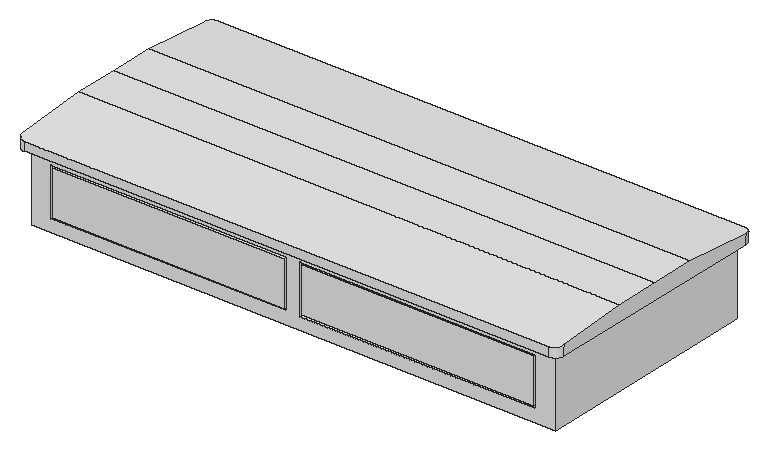
Revit family "1", category Pipe Accessories, host Face, Revit 2018
Family settings
  Host = Face
  Round Connector Dimension = Use Diameter
  Part Type = Normal
  OmniClass Number = 23.65.00.00
  OmniClass Title = Supply and Distribution of Liquids and Gases
  Cut with Voids When Loaded = No
  Shared = No
Parameters (values of type "600x260x90 - Code 0047236026")
  Youtube clip = ""
  Width = 260 mm
  Weight Net (Kg) = "0"  # constant formula
  Uniformat II Description = "HVAC"  # constant formula
  Uniformat II Code = "D30"  # constant formula
  Uniclass 2015 Name = "Valve Boxes"  # constant formula
  Uniclass 2015 Code = "Pr_80_70_28_94"  # constant formula
  Uniclass 2.0 Description = "Valve Boxes"  # constant formula
  Uniclass 2.0 Code = "PR-95-50-94"  # constant formula
  Uniclass 1.4 Description = "Valves for eater supply/distributon"  # constant formula
  Uniclass 1.4 Code = "L7117"  # constant formula
  URL = "http://www.pintossi.it/"
  UNSPSC Code = ""
  Technical description = ""
  Region South America = "All"  # constant formula
  Region Oceania = "All"  # constant formula
  Region North America = "All"  # constant formula
  Region Middle East = "All"  # constant formula
  Region Europe = "All"  # constant formula
  Region Asia = "All"  # constant formula
  Region Antarctica = "All"  # constant formula
  Region Africa = "All"  # constant formula
  QR code = ""
  Product url = ""
  Product group = "PLASTIC BOXES"  # constant formula
  Product family = "MANIFOLDS"  # constant formula
  Product data url = "https://www.bimobject.com/pintossi/product/472-plastic-boxes-for-manifolds"
  Product certification = ""
  Product SKU = "472-PLASTIC-BOXES-FOR-MANIFOLDS"  # constant formula
  Product Guid = "3cf5702c-0f82-499b-b133-a6da0dfa5a28"  # constant formula
  OmniClass Description = "Valves Boxes"  # constant formula
  OmniClass Code = "23-27 3163"  # constant formula
  NBS Reference Description = "Valve Boxes"  # constant formula
  NBS Reference Code = "95-50-94"  # constant formula
  Model = "600x260x90 - Code 0047236026"
  Material secondary = ""
  Material main = "PLastic"  # constant formula
  Masterformat 2014 Description = "Plumbing"  # constant formula
  Masterformat 2014 Code = "22 00 00"  # constant formula
  Manufacturer name = "Pintossi+C"  # constant formula
  Manufacturer country = "Italy"  # constant formula
  Manufacturer = "Pintosssi+C"  # constant formula
  Installation instructions = ""
  IFC Classification = "Covering"  # constant formula
  Height = 600 mm
  Edition number = 1  # constant formula
  EAN code = ""
  Design country = "Italy"  # constant formula
  Description = "Pintossi+C plastic box for manifold are the perfect solution to locate a manifold inside a wall cabinet using a plastic monobloc inspection box.\r\nThe pack includes a plastering protective carton and an anti-deformation spacer for built-in installation.\r\nThe box can be used with all range of Pintossi+C modular distrobution manifolds with or without valves and with coplanar manifolds."  # constant formula
  Default Elevation = 1219.2 mm
  Date of publishing = ""
  COBIe Type Category = ""
  Brand url = "http://www.pintossi.it/"
  Body Material = Pintossi - Plastic - ABS
  BIMobject category = "Plumbing Valves"  # constant formula
Types (4, lengths in mm): name | Model | Height | Brand url
  320x260x90 - Code 0047233226 | "320x260x90 - Code 0047233226" | 320 | ""
  400x260x90 - Code 0047234026 | "400x260x90 - Code 0047234026" | 400 | ""
  500x260x90 - Code 0047235026 | "500x260x90 - Code 0047235026" | 500 | ""
  600x260x90 - Code 0047236026 | "600x260x90 - Code 0047236026" | 600 | "http://www.pintossi.it/"
Reference planes
  plane 1 "Center (Front/Back)": y = 0
  plane 2: z = 0
  plane 3 "Center (Left/Right)": x = 0
  plane 4: x = -300
  plane 5: x = 300
  plane 6: y = 130
  plane 7: y = -130
  plane 8: z = -80
  plane 9: z = 10
  plane 10: x = -310
  plane 11: x = 310
  plane 12: y = 140
  plane 13: y = -140
  plane 14: x = -277.305
  plane 15: x = 277.305
  plane 16: x = -7.5
  plane 17: x = 7.5
Forms (mm)
  Extrusion 1, solid, material "Pintossi - Plastic - ABS" <- "Body Material", detail levels fine
    sketch origin (0, 0, 0) x (1, 0, 0) y (0, 1, 0)
      loop
        line (-300, 130) -> (-300, -130) -> (300, -130) -> (300, 130) -> (-300, 130)
      loop
        line (295, 125) -> (-295, 125) -> (-295, -125) -> (295, -125) -> (295, 125)
    from -74.574 to 0
  Extrusion 2, solid, material "Pintossi - Plastic - ABS" <- "Body Material", detail levels fine
    sketch origin (0, 0, 0) x (1, 0, 0) y (0, 1, 0)
      loop
        line (-300, 130) -> (-300, -130) -> (300, -130) -> (300, 130) -> (-300, 130)
    from -80 to -74.574
  Extrusion 3, solid, material "Pintossi - Plastic - ABS" <- "Body Material", detail levels fine
    sketch origin (0, 0, 0) x (1, 0, 0) y (0, 1, 0)
      loop
        arc (-300, 140) -> (-307.071, 137.071) -> (-310, 130) r 10
        line (-310, 130) -> (-310, -130)
        arc (-310, -130) -> (-307.071, -137.071) -> (-300, -140) r 10
        line (-300, -140) -> (300, -140)
        arc (300, -140) -> (307.071, -137.071) -> (310, -130) r 10
        line (310, -130) -> (310, 130)
        arc (310, 130) -> (307.071, 137.071) -> (300, 140) r 10
        line (300, 140) -> (-300, 140)
    from 0 to 23.904
  Extrusion 4, void
    sketch origin (-620, 0, 0) x (0, -1, 0) y (0, 0, 1)
      loop
        line (-140, 10) -> (-50.342, 17.844) -> (0, 17.844) -> (50.342, 17.844) -> (140, 10) -> (140, 34.497) -> (-140, 34.497) -> (-140, 10)
    from -930 to -310
  Extrusion 5, void
    sketch origin (59.099, -59.099, 0) x (-1, 0, 0) y (0, 0, -1)
      loop
        line (336.404, 10.22) -> (336.404, 65.729) -> (66.599, 65.729) -> (66.599, 10.22) -> (336.404, 10.22)
      loop
        line (334.404, 12.22) -> (334.404, 63.729) -> (68.599, 63.729) -> (68.599, 12.22) -> (334.404, 12.22)
    from -199.099 to 80.901
  Extrusion 6, void
    sketch origin (0, 0, 0) x (1, 0, 0) y (0, 1, 0)
      loop
        line (-300, 130) -> (-300, -130) -> (300, -130) -> (300, 130) -> (-300, 130)
    from -80 to 3.346
  Extrusion 7, void
    sketch origin (-59.099, -59.099, 0) x (1, 0, 0) y (0, 0, 1)
      loop
        line (336.404, -10.22) -> (66.599, -10.22) -> (66.599, -65.729) -> (336.404, -65.729) -> (336.404, -10.22)
      loop
        line (334.404, -12.22) -> (68.599, -12.22) -> (68.599, -63.729) -> (334.404, -63.729) -> (334.404, -12.22)
    from -199.099 to 80.901
Cuts and joins
  Extrusion 4 cuts Extrusion 3
  Extrusion 5, Extrusion 7 cuts Extrusion 1
  Extrusion 5, Extrusion 7 cuts Extrusion 2
  joined: Extrusion 1, Extrusion 2
Lines and regions (mm)
  symbolic lines
    curve 1: line (-300, 0, -80) -> (300, 0, -80)
    curve 2: line (-300, 0, 17.844) -> (-300, 0, -80)
    curve 3: line (300, 0, 17.844) -> (-300, 0, 17.844)
    curve 4: line (300, 0, -80) -> (300, 0, 17.844)
  model lines
    curve 5: line (-300, 130, 0) -> (300, 130, 0)
    curve 7: line (300, -130, 0) -> (-300, -130, 0)
    curve 8: line (300, 130, 0) -> (300, -130, 0)
  model lines, detail levels coarse+medium
    curve 6: line (-300, -130, 0) -> (-300, 130, 0)
Dimensions and locks
  equal spacing: plane 4, plane 3 "Center (Left/Right)", plane 5
  equal spacing: plane 6, plane 1 "Center (Front/Back)", plane 7
  "Height": plane 4 to plane 5
  "Width": plane 6 to plane 7
  locked: host face to plane 8 at 80
  locked: plane 9 to host face at 10
  locked: plane 12 to plane 6 at 10
  locked: plane 13 to plane 7 at 10
  locked: plane 10 to plane 4 at 10
  locked: plane 5 to plane 11 at 10
  locked: Extrusion 1 sketch curve to Extrusion 1 sketch curve at 5  (x4)
  locked: Extrusion 5 sketch curve to Extrusion 5 sketch curve at 2  (x2)
  locked: plane 4 to plane 14 at 22.695
  locked: plane 5 to plane 15 at 22.695
  locked: Extrusion 7 sketch curve to Extrusion 7 sketch curve at 2  (x2)
  plane 16 to plane 3 "Center (Left/Right)" to plane 17 = 7.5 mm locked, 7.5 mm locked
  aligned and locked: plane 2 to host face
  aligned and locked: level to host face
  aligned and locked: Extrusion 1 sketch curve to plane 6
  aligned and locked: Extrusion 1 sketch curve to plane 4
  aligned and locked: Extrusion 1 sketch curve to plane 7
  aligned and locked: Extrusion 1 sketch curve to plane 5
  aligned and locked: Extrusion 2 sketch curve to Extrusion 1  (x4)
  aligned and locked: Extrusion 2 to plane 8
  aligned and locked: Extrusion 1 to Extrusion 2
  aligned and locked: level to Extrusion 1
  aligned and locked: Extrusion 3 sketch curve to plane 12
  aligned and locked: Extrusion 3 sketch curve to plane 10
  aligned and locked: Extrusion 3 sketch curve to plane 13
  aligned and locked: Extrusion 3 sketch curve to plane 11
  aligned and locked: Extrusion 6 sketch curve to cut or joined group of Extrusion 1, Extrusion 2, Extrusion 5, Extrusion 7  (x4)
  aligned and locked: plane 14 to Extrusion 5
  aligned and locked: Extrusion 5 to plane 16
  aligned and locked: Extrusion 7 to plane 17
  aligned and locked: plane 15 to Extrusion 7
  aligned and locked: plane 11 to Extrusion 4
  aligned and locked: plane 10 to Extrusion 4
  aligned and locked: plane 4 to curve 2
  aligned and locked: plane 5 to curve 4
  aligned and locked: curve 5 to cut or joined group of Extrusion 1, Extrusion 2, Extrusion 5, Extrusion 7
  aligned and locked: curve 6 to cut or joined group of Extrusion 1, Extrusion 2, Extrusion 5, Extrusion 7
  aligned and locked: curve 7 to cut or joined group of Extrusion 1, Extrusion 2, Extrusion 5, Extrusion 7
  aligned and locked: curve 8 to cut or joined group of Extrusion 1, Extrusion 2, Extrusion 5, Extrusion 7
Automatic sketch dimensions
  host sketch curve to host sketch curve = 2438.4 mm  (x2)
  Extrusion 3 sketch curve to plane 4 = 0 mm  (x2)
  Extrusion 3 sketch curve to plane 5 = 0 mm  (x2)
  Extrusion 4 sketch curve to plane 9 = 0 mm  (x2)
  plane 12 to Extrusion 4 sketch curve = 0 mm
  plane 9 to Extrusion 4 sketch curve = 7.844 mm
  Extrusion 4 sketch curve to Extrusion 4 sketch curve = 89.658 mm  (x2)
  Extrusion 4 sketch curve to Extrusion 4 sketch curve = 50.342 mm  (x2)
  plane 9 to Extrusion 4 sketch curve = 24.497 mm
  plane 16 to Extrusion 5 sketch curve = 0 mm
  plane 14 to Extrusion 5 sketch curve = 0 mm
  Extrusion 5 sketch curve to level = 10.22 mm
  Extrusion 5 sketch curve to Extrusion 5 sketch curve = 2 mm  (x2)
  plane 8 to Extrusion 5 sketch curve = 16.271 mm
  plane 17 to Extrusion 7 sketch curve = 0 mm
  Extrusion 7 sketch curve to plane 15 = 0 mm
  plane 8 to Extrusion 7 sketch curve = 14.271 mm
  Extrusion 7 sketch curve to Extrusion 7 sketch curve = 2 mm  (x2)
  Extrusion 7 sketch curve to level = 12.22 mm
  curve 1 to plane 8 = 0 mm
  plane 9 to curve 3 = 7.844 mm
